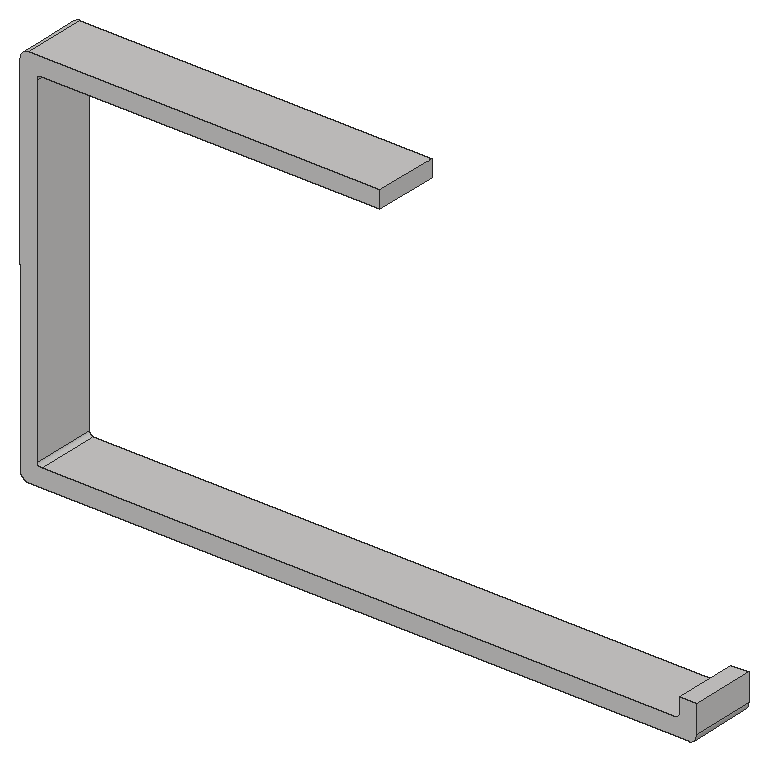
Revit family "E_Cable Tray Support_MEPcontent_OBO Bettermann_Bracket", category Cable Tray Fittings, Revit 2015
Parameters (values of type "AHB 300 FT")
  Wholesaler Art. No. = ""
  Wholesaler = ""
  Watermarked By = "www.stabiplan.com"
  Width 1 = 300.00 mm
  Width = Width 1  # 300 mm
  URL = "www.stabiplan.com"
  Tray Height [instance] = 110.00 mm
  built-in parameter 1140111 [instance] = if(and(Width = 100.00 mm, Height = 180.00 mm), 6.00 mm, if(and(Width = 200.00 mm, Height = 180.00 mm), 8.00 mm, if(and(Width = 300.00 mm, Height = 180.00 mm), 8.00 mm, 5.00 mm)))  # 8.00 mm
  Stabu Code = ""
  Revit Version = "2015"  # constant formula
  MEPcontent Class = "CABLE_TRAY_SUPPORT"  # constant formula
  Internal Art. No. = ""
  IFCExportType = "NOTDEFINED"  # constant formula
  IFCExportAs = "IfcCableCarrierFittingType"  # constant formula
  Function Code [instance] = ""
  Family Version = "10.14"  # constant formula
  ETIM Article Class = "EC001003"  # constant formula
  EMCS Version = "2.0"  # constant formula
  Copyright = "© Stabiplan International BV"  # constant formula
  Content Supplier URL = ""
  CB-NL Class = ""
  Article Type = if(and(Width = 100.00 mm, Height = 180.00 mm), "AHB 100 FT ", if(and(Width = 200.00 mm, Height = 180.00 mm), "AHB 200 FT ", if(and(Width = 300.00 mm, Height = 180.00 mm), "AHB 300 FT", "Unknown")))  # "AHB 300 FT"
  Product Line = "OBO BETTERMANN"  # constant formula
  Model = if(and(Width = 100.00 mm, Height = 180.00 mm), "AHB 100 FT ", if(and(Width = 200.00 mm, Height = 180.00 mm), "AHB 200 FT ", if(and(Width = 300.00 mm, Height = 180.00 mm), "AHB 300 FT", "Unknown")))  # "AHB 300 FT"
  Manufacturer = "OBO BETTERMANN"  # constant formula
  Custom [instance] = if(and(Width = 100.00 mm, Height = 180.00 mm), 1 = 0, if(and(Width = 200.00 mm, Height = 180.00 mm), 1 = 0, if(and(Width = 300.00 mm, Height = 180.00 mm), 1 = 0, 1 = 1)))  # no
  Half Tray Height [instance] = Tray Height / 2  # 55.00 mm
  Height 1 = 180.00 mm
  Height = Height 1  # 180 mm
  GTIN = if(and(Width = 100.00 mm, Height = 180.00 mm), "4012196881413 ", if(and(Width = 200.00 mm, Height = 180.00 mm), "4012196881475 ", if(and(Width = 300.00 mm, Height = 180.00 mm), "4012196881536 ", "Unknown")))  # "4012196881536 "
  Description = "Cable Tray Bracket"
  Depth = 30.00 mm  # constant formula
  Manufacturer URL = "http://catalog4.obo-bettermann.com/catalogue/catalogue.do?forward=showProductGroup&act=showIO&favOid=kts_63992&action=showManyProducts&lang=nl&OID=kts_63992&catId="
  Gray = Color RGB 189-187-185
  Manufacturer Art. No. = if(and(Width = 100.00 mm, Height = 180.00 mm), "6363903", if(and(Width = 200.00 mm, Height = 180.00 mm), "6363911", if(and(Width = 300.00 mm, Height = 180.00 mm), "6363938", "Unknown")))  # "6363938"
  Article Description = "Cable Tray Bracket"
Types (3, lengths in mm): name | Width 1 | Width | Tray Height | built-in parameter 1140111 | Article Type | Model | Half Tray Height | GTIN | Description | Manufacturer Art. No. | Article Description
  AHB 100 FT | 100.00 | 100 | 60.00 | 6.00 | "AHB 100 FT " | "AHB 100 FT " | 30.00 | "4012196881413 " | "Cable Tray Bracket" | "6363903" | "Cable Tray Bracket"
  AHB 200 FT | 200.00 | 200 | 150.00 | 8.00 | "AHB 200 FT " | "AHB 200 FT " | 75.00 | "4012196881475 " | "Horizontal CableTray Bracket" | "6363911" | "Horizontal CableTray Bracket"
  AHB 300 FT | 300.00 | 300 | 110.00 | 8.00 | "AHB 300 FT" | "AHB 300 FT" | 55.00 | "4012196881536 " | "Cable Tray Bracket" | "6363938" | "Cable Tray Bracket"
Reference planes
  plane 1 "Center (Front/Back)": y = 0
  plane 2: z = 0
  plane 3 "Center (Left/Right)": x = 0
  plane 4: z = 117
  plane 5: z = -63
  plane 6: x = -150
  plane 7: x = 150
  plane 8: y = 15
  plane 9: y = -15
  plane 10: x = 158
  plane 11: x = -158
  plane 12: z = 113
  plane 13: x = -154
  plane 14: z = -59
  plane 15: x = 154
  plane 16: z = 109
  plane 17: z = -55
Forms (mm)
  Extrusion 1, solid, material "Color RGB 189-187-185" <- "Gray", detail levels medium+fine
    sketch origin (0, 0, 0) x (1, 0, 0) y (0, 0, 1)
      loop
        line (10, 109) -> (10, 117) -> (-154, 117)
        arc (-154, 117) -> (-156.828, 115.828) -> (-158, 113) r 4
        line (-158, 113) -> (-158, -59)
        arc (-158, -59) -> (-156.828, -61.828) -> (-154, -63) r 4
        line (-154, -63) -> (154, -63)
        arc (154, -63) -> (156.828, -61.828) -> (158, -59) r 4
        line (158, -59) -> (158, -46) -> (150, -46) -> (150, -53)
        arc (150, -53) -> (149.414, -54.414) -> (148, -55) r 2
        line (148, -55) -> (-148, -55)
        arc (-148, -55) -> (-149.414, -54.414) -> (-150, -53) r 2
        line (-150, -53) -> (-150, 107)
        arc (-150, 107) -> (-149.414, 108.414) -> (-148, 109) r 2
        line (-148, 109) -> (10, 109)
    from -15 to 15
Lines and regions (mm)
  model lines, style "Fittings", detail levels coarse
    curve 1: line (10, 0, 113) -> (-154, 0, 113)
    curve 2: line (-154, 0, 113) -> (-154, 0, -59)
    curve 3: line (-154, 0, -59) -> (154, 0, -59)
    curve 4: line (154, 0, -59) -> (154, 0, -46)
Dimensions and locks
  equal spacing: plane 7, plane 3 "Center (Left/Right)", plane 6
  "Width": plane 7 to plane 6
  equal spacing: plane 8, plane 1 "Center (Front/Back)", plane 9
  "Depth": plane 8 to plane 9
  "built-in parameter 1140111": plane 11 to plane 6
  "built-in parameter 1140111": plane 10 to plane 7
  equal spacing: plane 10, plane 15, plane 7
  equal spacing: plane 11, plane 13, plane 6
  equal spacing: plane 4, plane 12, plane 16
  "built-in parameter 1140111": plane 4 to plane 16
  equal spacing: plane 17, plane 14, plane 5
  "built-in parameter 1140111": plane 17 to plane 5
  locked: Extrusion 1 sketch curve to plane 17 at 9
  locked: Extrusion 1 sketch curve to plane 3 "Center (Left/Right)" at 10
  "Height 1": plane 4 to plane 5
  "Half Tray Height": level to plane 17
  radius of Extrusion 1 sketch curve = 4.00 mm  (x3)
  radius of Extrusion 1 sketch curve = 2.00 mm  (x3)
  aligned and locked: level to plane 2
  aligned and locked: Extrusion 1 to plane 8
  aligned and locked: Extrusion 1 to plane 9
  aligned and locked: plane 12 to curve 1
  aligned and locked: plane 13 to curve 2
  aligned and locked: curve 3 to plane 14
  aligned and locked: curve 4 to plane 14
  aligned and locked: plane 15 to curve 4
  aligned and locked: plane 4 to Extrusion 1 sketch curve
  aligned and locked: Extrusion 1 sketch curve to plane 11
  aligned and locked: plane 6 to Extrusion 1 sketch curve
  aligned and locked: Extrusion 1 sketch curve to plane 5
  aligned and locked: plane 17 to Extrusion 1 sketch curve
  aligned and locked: plane 10 to Extrusion 1 sketch curve
  aligned and locked: plane 7 to Extrusion 1 sketch curve
  aligned and locked: Extrusion 1 sketch curve to plane 16
Automatic sketch dimensions
  plane 3 "Center (Left/Right)" to curve 1 = 10.00 mm
  plane 17 to curve 4 = 9.00 mm
